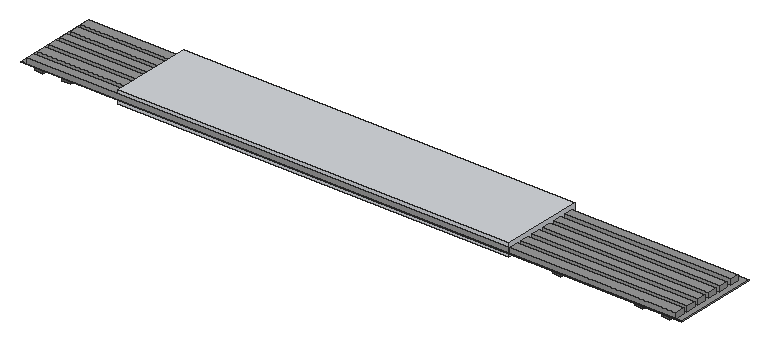
Revit family "2112-6, Solid", category Generic Models, host Face, Revit 2020
Family settings
  Host = Face
  Can host rebar = No
  Round Connector Dimension = Use Diameter
  Part Type = Normal
  Cut with Voids When Loaded = No
  Shared = No
  Room Calculation Point = No
Parameters
  min_value [instance] = 1' - 11 1/4"  # constant formula
  max_value [instance] = 11' - 11 1/4"  # constant formula
  actual_value [instance] = if(NET LENGTH < min_value, min_value, if(NET LENGTH > max_value, max_value, NET LENGTH))  # 7' - 11 1/4"
  SCRIM MATERIAL [instance] = SCRIM
  SCRIM [instance] = yes
  NET LENGTH [instance] = 7' - 11 1/4"
  Default Elevation = 4' - 0"
  BACKER MATERIAL [instance] = BLACK-BACKERS
  .. MEMBER WIDTH [instance] = 0' - 1 3/8"  # constant formula
  .. MEMBER MATERIAL [instance] = Solid Western Hemlock
  .. MEMBER LENGTH [instance] = actual_value  # 7' - 11 1/4"
  .. MEMBER DEPTH [instance] = 0' - 0 3/4"  # constant formula
  .. MEMBER COUNT [instance] = 6  # constant formula
  IMPORTANT NOTE!!!                                                                             *Backer layout is for visualization purposes only, final layout to be determined by 9Wood. [instance] = ""
Reference planes (in)
  plane 1 "Center (Front/Back)": y = 0
  plane 2: z = 1.82209
  plane 3 "Center (Left/Right)": x = 0
Forms (in)
  Extrusion 1, solid
    sketch origin (132, -33.80483, 0) x (1, 0, 0) y (0, 1, 0)
      loop
        line (-118.625, 33.80483) -> (-61.26146, 33.80483) -> (-61.26146, 45.86733) -> (-118.625, 45.86733) -> (-118.625, 33.80483)
    from 1.82209 to 0
Dimensions and locks (in)
  aligned and locked: Extrusion 1 to plane 2
  aligned and locked: plane 3 "Center (Left/Right)" to nested 1
Nested families (in)
  nested 1: "1100 SERIES CONFIG" at (0, 2, 0), .. MEMBER DEPTH <- ".. MEMBER DEPTH", .. MEMBER LENGTH <- ".. MEMBER LENGTH", .. MEMBER WIDTH <- ".. MEMBER WIDTH", .. MEMBER MATERIAL <- ".. MEMBER MATERIAL", BACKING M MATERIAL <- "BACKER MATERIAL", SCRIM  MATERIAL <- "SCRIM MATERIAL", .. MEMBER COUNT <- ".. MEMBER COUNT", SCRIM <- "SCRIM", type "1100 SERIES CONFIG"
    with X 7' - 8", SCRIM OVERHANG 2 0' - 0 3/32", SCRIM OVERHANG 0' - 0 7/8", SCRIM LENGTH 8' - 1", SCRIM  MATERIAL SCRIM, SCRIM yes, NOMINAL LENGTH 7, N 8, Inset 6' - 0 3/8", INSET 0' - 1", INDEX 0' - 5 5/8", HALF MEMBER WIDTH 0' - 0 11/16", HALF LENGTH 3' - 11 5/8", END BACKER yes, BACKING M WIDTH 0' - 1 1/4", BACKING M OC SPACING 1' - 0", BACKING M MATERIAL BLACK-BACKERS, BACKING M LENGTH 0' - 11 7/8", BACKING M DEPTH 0' - 0 1/2", BACKING M COUNT 8, 3/16" INSET 0' - 0 3/16", .. MEMBER WIDTH 0' - 1 3/8", .. MEMBER OC SPACING 0' - 2", .. MEMBER MATERIAL Solid Western Hemlock, .. MEMBER LENGTH 7' - 11 1/4", .. MEMBER DEPTH 0' - 0 3/4", .. MEMBER COUNT 6
Definition of nested family "1100 SERIES CONFIG"
  Parameters (values of type "1100 SERIES CONFIG")
    X [instance] = .. MEMBER LENGTH - 0' 3 1/4"  # 5' - 5"
    SCRIM OVERHANG 2 [instance] = 0' - 0 3/32"  # constant formula
    SCRIM OVERHANG [instance] = 0' - 0 7/8"  # constant formula
    SCRIM LENGTH [instance] = .. MEMBER LENGTH + (SCRIM OVERHANG * 2)  # 5' - 10"
    SCRIM  MATERIAL [instance] = none
    SCRIM [instance] = yes
    NOMINAL LENGTH [instance] = 7
    N [instance] = if((X - (rounddown(X / 1' 0") * 1' 0")) > 1' 0", rounddown(X / 1' 0") + 2, rounddown(X / 1' 0") + 1)  # 6
    Inset [instance] = 6' - 0 3/8"  # constant formula
    INSET [instance] = 0' - 1"  # constant formula
    END BACKER [instance] = INDEX > 0' 3 5/8"  # yes
    INDEX [instance] = (.. MEMBER LENGTH - ((N - 1) * 1' 0")) / 2  # 0' - 4 1/8"
    HALF MEMBER WIDTH [instance] = .. MEMBER WIDTH / 2  # 0' - 0 5/16"
    HALF LENGTH [instance] = .. MEMBER LENGTH / 2  # 2' - 10 1/8"
    Default Elevation = 0' - 0"
    BACKING M WIDTH [instance] = 0' - 1 1/4"
    BACKING M SPACING = 3' - 3"
    BACKING M MATERIAL [instance] = none
    BACKING M LENGTH [instance] = 0' - 11 7/8"
    BACKING M DEPTH [instance] = 0' - 0 1/2"
    BACKING M COUNT [instance] = N  # 6
    BACKING M OC SPACING [instance] = 1' - 0"  # constant formula
    3/16" INSET [instance] = 0' - 0 3/16"  # constant formula
    .. MEMBER WIDTH [instance] = 0' - 0 5/8"
    .. MEMBER OC SPACING [instance] = 1' 0" / .. MEMBER COUNT  # 0' - 4"
    .. MEMBER MATERIAL [instance] = none
    .. MEMBER LENGTH [instance] = 5' - 8 1/4"
    .. MEMBER DEPTH [instance] = 0' - 1 3/8"
    .. MEMBER COUNT [instance] = 3
  Reference planes (in)
    plane 1 "Center (Front/Back)": y = -2
    plane 2: z = 0
    plane 3 "Center (Left/Right)": x = 0
    plane 4: x = 1
    plane 5: x = 4.125
    plane 6: x = 34.125
    plane 7: x = 68.25
    plane 8: x = 67.25
    plane 9: x = 16.125
    plane 10: y = -1.8125
    plane 11: y = -1.6875
    plane 12: y = 2.3125
    plane 13: x = 69.125
    plane 14: x = -0.875
    plane 15: z = 0.5
    plane 16: z = 0.5625
    plane 17: y = 10.0625
    plane 18: y = 10.15625
    plane 19: y = -2.09375
  Dimensions and locks (in)
    "INSET": plane 3 "Center (Left/Right)" to plane 4
    "INDEX": plane 3 "Center (Left/Right)" to plane 5
    "HALF LENGTH": plane 3 "Center (Left/Right)" to plane 6
    ".. MEMBER LENGTH": plane 3 "Center (Left/Right)" to plane 7
    "INSET": plane 8 to plane 7
    equal spacing: group 2, group 3, group 6, group 7, group 8, group 9  (x3)
    "3/16" INSET": plane 1 "Center (Front/Back)" to plane 10
    ".. MEMBER OC SPACING": plane 12 to plane 11
    "SCRIM OVERHANG": plane 14 to plane 3 "Center (Left/Right)"
    "SCRIM OVERHANG": plane 7 to plane 13
    equal spacing: group 1, group 4, group 5  (x2)
    equal spacing: group 5, group 4, group 1
    "HALF MEMBER WIDTH": plane 1 "Center (Front/Back)" to plane 11
    "BACKING M OC SPACING": plane 5 to plane 9
    "SCRIM OVERHANG 2": plane 18 to plane 17
    "SCRIM OVERHANG 2": plane 19 to plane 1 "Center (Front/Back)"
    aligned and locked: level to plane 2
    aligned and locked: plane 6 to nested 1
    aligned and locked: nested 2 to plane 4
    aligned and locked: plane 5 to nested 3
    aligned and locked: plane 1 "Center (Front/Back)" to nested 1
    aligned and locked: nested 2 to plane 10
    aligned and locked: nested 3 to plane 10
    aligned and locked: nested 5 to plane 10
    aligned and locked: nested 4 to plane 10
    aligned and locked: nested 6 to plane 14
    aligned and locked: plane 12 to nested 7
    aligned and locked: nested 7 to plane 3 "Center (Left/Right)"
    aligned and locked: plane 9 to nested 5
    aligned and locked: plane 8 to nested 4
    aligned and locked: plane 15 to nested 2
    aligned and locked: nested 6 to plane 15
    aligned and locked: nested 1 to plane 16
    aligned and locked: nested 7 to plane 16
    aligned and locked: nested 6 to plane 19
  Nested families (in)
    nested 1: "INSTANCE - Parametric Cube" at (34.125, -1.6875, 1.9375), Length <- ".. MEMBER WIDTH", Height <- ".. MEMBER DEPTH", Width <- ".. MEMBER LENGTH", Material <- ".. MEMBER MATERIAL", type "INSTANCE - Parametric Cube"
      with Width 5' - 8 1/4", Material none, Length 0' - 0 5/8", Height 0' - 1 3/8"
    nested 2: "2ND INSTANCE - Parametric Cube" at (1.625, 4.125, 0), Height <- "BACKING M DEPTH", Length <- "BACKING M LENGTH", Width <- "BACKING M WIDTH", Material <- "BACKING M MATERIAL", visible <- "END BACKER", type "2ND INSTANCE - Parametric Cube"
      with Width 0' - 1 1/4", Material none, Length 0' - 11 7/8", Height 0' - 0 1/2"
    nested 3: "2ND INSTANCE - Parametric Cube" at (4.125, 4.125, 0), Length <- "BACKING M LENGTH", Height <- "BACKING M DEPTH", Width <- "BACKING M WIDTH", Material <- "BACKING M MATERIAL", type "2ND INSTANCE - Parametric Cube"
      with Width 0' - 1 1/4", Material none, Length 0' - 11 7/8", Height 0' - 0 1/2"
    nested 4: "2ND INSTANCE - Parametric Cube" at (66.625, 4.125, 0), Width <- "BACKING M WIDTH", Length <- "BACKING M LENGTH", Height <- "BACKING M DEPTH", Material <- "BACKING M MATERIAL", visible <- "END BACKER", type "2ND INSTANCE - Parametric Cube"
      with Width 0' - 1 1/4", Material none, Length 0' - 11 7/8", Height 0' - 0 1/2"
    nested 5: "2ND INSTANCE - Parametric Cube" at (16.125, 4.125, 0), Length <- "BACKING M LENGTH", Height <- "BACKING M DEPTH", Width <- "BACKING M WIDTH", Material <- "BACKING M MATERIAL", type "2ND INSTANCE - Parametric Cube"
      with Width 0' - 1 1/4", Material none, Length 0' - 11 7/8", Height 0' - 0 1/2"
    nested 6: "3RD INSTANCE - Parametric Cube" at (34.125, 4.0445, 0.5), Width <- "SCRIM LENGTH", Material <- "SCRIM  MATERIAL", visible <- "SCRIM", type "3RD INSTANCE - Parametric Cube"
      with Width 5' - 10", Material none, Length 1' - 0.27649", Height 0' - 0 1/16"
    nested 7: "INSTANCE - Parametric Cube" at (34.125, 2.3125, 1.9375), Length <- ".. MEMBER WIDTH", Height <- ".. MEMBER DEPTH", Width <- ".. MEMBER LENGTH", Material <- ".. MEMBER MATERIAL", type "INSTANCE - Parametric Cube"
      with Width 5' - 8 1/4", Material none, Length 0' - 0 5/8", Height 0' - 1 3/8"
    nested 8: "INSTANCE - Parametric Cube" at (34.125, 6.3125, 1.9375), Length <- ".. MEMBER WIDTH", Height <- ".. MEMBER DEPTH", Width <- ".. MEMBER LENGTH", Material <- ".. MEMBER MATERIAL", type "INSTANCE - Parametric Cube"
      with Width 5' - 8 1/4", Material none, Length 0' - 0 5/8", Height 0' - 1 3/8"
    nested 9: "2ND INSTANCE - Parametric Cube" at (28.125, 4.125, 0), Length <- "BACKING M LENGTH", Height <- "BACKING M DEPTH", Width <- "BACKING M WIDTH", Material <- "BACKING M MATERIAL", type "2ND INSTANCE - Parametric Cube"
      with Width 0' - 1 1/4", Material none, Length 0' - 11 7/8", Height 0' - 0 1/2"
    nested 10: "2ND INSTANCE - Parametric Cube" at (40.125, 4.125, 0), Length <- "BACKING M LENGTH", Height <- "BACKING M DEPTH", Width <- "BACKING M WIDTH", Material <- "BACKING M MATERIAL", type "2ND INSTANCE - Parametric Cube"
      with Width 0' - 1 1/4", Material none, Length 0' - 11 7/8", Height 0' - 0 1/2"
    nested 11: "2ND INSTANCE - Parametric Cube" at (52.125, 4.125, 0), Length <- "BACKING M LENGTH", Height <- "BACKING M DEPTH", Width <- "BACKING M WIDTH", Material <- "BACKING M MATERIAL", type "2ND INSTANCE - Parametric Cube"
      with Width 0' - 1 1/4", Material none, Length 0' - 11 7/8", Height 0' - 0 1/2"
    nested 12: "2ND INSTANCE - Parametric Cube" at (64.125, 4.125, 0), Length <- "BACKING M LENGTH", Height <- "BACKING M DEPTH", Width <- "BACKING M WIDTH", Material <- "BACKING M MATERIAL", type "2ND INSTANCE - Parametric Cube"
      with Width 0' - 1 1/4", Material none, Length 0' - 11 7/8", Height 0' - 0 1/2"
  Definition of nested family "INSTANCE - Parametric Cube"
    Parameters (values of type "INSTANCE - Parametric Cube")
      Width [instance] = 0' - 6"
      Material [instance] = none
      Length [instance] = 1' - 0"
      Height [instance] = 1' - 6"
      Default Elevation = 0' - 0"
    Reference planes (in)
      plane 1 "Center (Front/Back)": y = 0
      plane 2: z = 0
      plane 3 "Center (Left/Right)": x = 0
      plane 4: x = -3
      plane 5: x = 3
      plane 6: y = 6
      plane 7: y = -6
      plane 8: z = -18
    Forms (in)
      Extrusion 1, solid, material <- "Material"
        sketch origin (0, 0, 0) x (1, 0, 0) y (0, 1, 0)
          loop
            line (-3, 6) -> (-3, -6) -> (3, -6) -> (3, 6) -> (-3, 6)
        from -18 to 0
    Dimensions and locks (in)
      equal spacing: plane 4, plane 3 "Center (Left/Right)", plane 5
      equal spacing: plane 6, plane 1 "Center (Front/Back)", plane 7
      "Length": plane 6 to plane 7
      "Width": plane 4 to plane 5
      "Height": plane 8 to level
      aligned and locked: plane 2 to level
      aligned and locked: Extrusion 1 sketch curve to plane 6
      aligned and locked: plane 4 to Extrusion 1 sketch curve
      aligned and locked: plane 7 to Extrusion 1 sketch curve
      aligned and locked: Extrusion 1 sketch curve to plane 5
      aligned and locked: Extrusion 1 to plane 8
  Definition of nested family "2ND INSTANCE - Parametric Cube"
    Parameters (values of type "2ND INSTANCE - Parametric Cube")
      Width [instance] = 0' - 6"
      Material [instance] = none
      Length [instance] = 1' - 0"
      Height [instance] = 1' - 6"
      Default Elevation = 0' - 0"
    Reference planes (in)
      plane 1 "Center (Front/Back)": y = 0
      plane 2: z = 0
      plane 3 "Center (Left/Right)": x = 0
      plane 4: x = -3
      plane 5: x = 3
      plane 6: y = 6
      plane 7: y = -6
      plane 8: z = 18
    Forms (in)
      Extrusion 1, solid, material <- "Material"
        sketch origin (0, 0, 0) x (1, 0, 0) y (0, 1, 0)
          loop
            line (-3, 6) -> (-3, -6) -> (3, -6) -> (3, 6) -> (-3, 6)
        from 0 to 18
    Dimensions and locks (in)
      equal spacing: plane 4, plane 3 "Center (Left/Right)", plane 5
      equal spacing: plane 6, plane 1 "Center (Front/Back)", plane 7
      "Length": plane 6 to plane 7
      "Width": plane 4 to plane 5
      "Height": level to plane 8
      aligned and locked: plane 2 to level
      aligned and locked: Extrusion 1 sketch curve to plane 6
      aligned and locked: plane 4 to Extrusion 1 sketch curve
      aligned and locked: plane 7 to Extrusion 1 sketch curve
      aligned and locked: Extrusion 1 sketch curve to plane 5
      aligned and locked: plane 8 to Extrusion 1
      aligned and locked: Extrusion 1 to level
  Definition of nested family "3RD INSTANCE - Parametric Cube"
    Parameters (values of type "3RD INSTANCE - Parametric Cube")
      Width [instance] = 0' - 6"
      Material [instance] = none
      Length [instance] = 1' - 0"
      Height [instance] = 1' - 6"
      Default Elevation = 0' - 0"
    Reference planes (in)
      plane 1 "Center (Front/Back)": y = 0
      plane 2: z = 0
      plane 3 "Center (Left/Right)": x = 0
      plane 4: x = -3
      plane 5: x = 3
      plane 6: y = 6
      plane 7: y = -6
      plane 8: z = 18
    Forms (in)
      Extrusion 1, solid, material <- "Material"
        sketch origin (0, 0, 0) x (1, 0, 0) y (0, 1, 0)
          loop
            line (-3, 6) -> (-3, -6) -> (3, -6) -> (3, 6) -> (-3, 6)
        from 0 to 18
    Dimensions and locks (in)
      equal spacing: plane 4, plane 3 "Center (Left/Right)", plane 5
      equal spacing: plane 6, plane 1 "Center (Front/Back)", plane 7
      "Length": plane 6 to plane 7
      "Width": plane 4 to plane 5
      "Height": level to plane 8
      aligned and locked: plane 2 to level
      aligned and locked: Extrusion 1 sketch curve to plane 6
      aligned and locked: plane 4 to Extrusion 1 sketch curve
      aligned and locked: plane 7 to Extrusion 1 sketch curve
      aligned and locked: Extrusion 1 sketch curve to plane 5
      aligned and locked: plane 8 to Extrusion 1
      aligned and locked: Extrusion 1 to level
